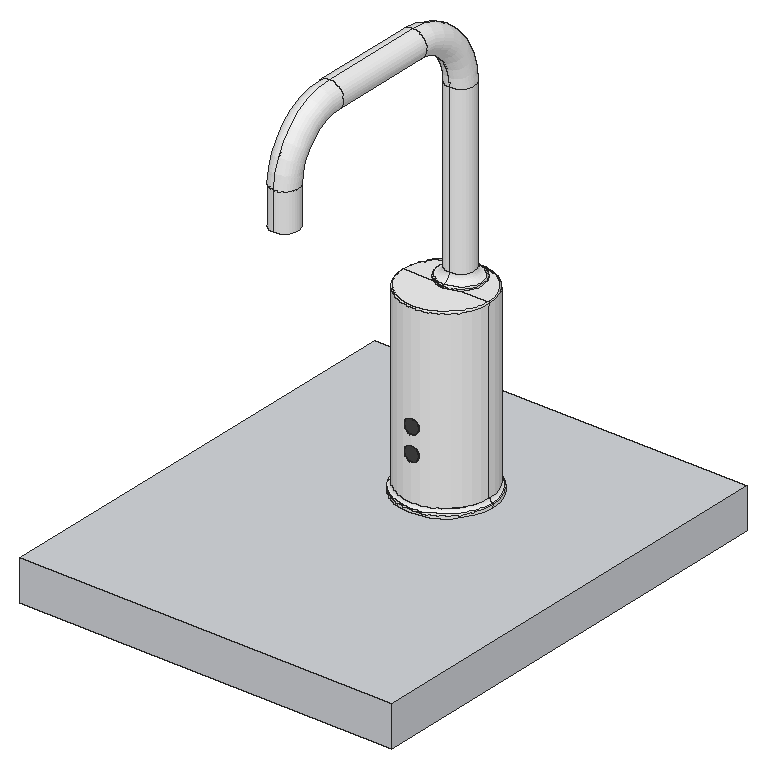
Revit family
Parameters (values of type "Chrome-Polished_Chrome-CP")
  Width = 0' - 2 5/8"
  WFU = 0
  URL = "http://www.us.kohler.com"
  Sensors = Sensors-Black
  Product Page URL = "http://www.us.kohler.com/onlinecatalog/detail.jsp?prod_num=7518"
  Product Documentation Link = "http://www.us.kohler.com/onlinecatalog/pdf/1126266_4.pdf"
  Model = "K-7518"  # constant formula
  Manufacturer = "Kohler"  # constant formula
  Length = 0' - 7 3/8"
  Installation = "Single-hole"  # constant formula
  Hot Water Radius = 3/16"
  Hot Water Diameter = Hot Water Radius * 2  # 3/8"
  Hot Water Connection = "Hot Water Connector"  # constant formula
  Height = 1' - 0 1/8"
  HWFU = 0
  HW Connection = yes
  Finish = Chrome-Kohler-CP-Polished Chrome
  Description = "Hybrid gooseneck Touchless deck-mount faucet\r\n\r\n"  # constant formula
  Default Elevation = 0' - 0"
  Created By = "http://medialab3dstudio.com/"
  Cold Water Radius = 3/16"
  Cold Water Diameter = Cold Water Radius * 2  # 3/8"
  Cold Water Connection = "Cold Water Connector"  # constant formula
  CWFU = 0
  CW Connection = yes
  Assembly Code = "D2010"
  Actual Water Flow = 0.5 GPM
  ADA Compliant = yes
Types (3): name | Finish
  (no name) | Chrome-Kohler-CP-Polished Chrome
  Steel-Vibrant_Stainless-VS | Steel-Kohler-VS-Vibrant Stainless
  Chrome-Polished_Chrome-CP | Chrome-Kohler-CP-Polished Chrome
Reference planes (in)
  plane 1 "Back": y = 0
  plane 2 "Bottom": z = 0
  plane 3 "Center (Left/Right)": x = 0
  plane 4 "Left": x = -1.3125
  plane 5 "Right": x = 1.3125
  plane 6 "Front of Base": y = -2.625
  plane 7 "Top of Spout": z = 5.13758
  plane 8: x = -1.21515
  plane 9: z = 0.19946
  plane 10: y = -0.20719
  plane 11: z = 5.41928
  plane 12: z = 5.19898
  plane 13: z = 11.74609
  plane 14: y = -6.99576
  plane 15: y = -0.81246
  plane 16: z = 5.41651
  plane 17: z = 2.11506
  plane 18: x = 0
  plane 19: z = 2.11482
  plane 20: z = 1.42524
  plane 21: x = 0
  plane 22: z = 1.42308
  plane 23: x = 0
  plane 24 "Front": y = -7.375
  plane 25 "Top": z = 12.125
  plane 26: y = -0.9173
  plane 27: y = -1.52988
  plane 28: y = -1.40189
  plane 29: y = -1.04534
  plane 30: y = -0.81285
  plane 31: y = -1.22287
  plane 32: x = 0.49462
  plane 33: x = -0.49462
Forms (in)
  Extrusion 1, solid
    sketch origin (0, 0, 0) x (1, 0, 0) y (0, 1, 0)
      loop
        line (-5.38196, 2.92434) -> (-5.38196, -9.57092) -> (5.06552, -9.57092) -> (5.06552, 2.92434) -> (-5.38196, 2.92434)
    from 0 to -1.1254
  Revolve 2, solid, material "Chrome-Kohler-CP-Polished Chrome" <- "Finish", detail levels fine
    sketch origin (0, -1.3125, 0) x (1, 0, 0) y (0, 0, 1)
      loop
        line (0, 0) -> (0, 5.13758) -> (-1.18617, 5.13758)
        arc (-1.18617, 5.13758) -> (-1.20666, 5.1291) -> (-1.21515, 5.10861) r 0.02898
        line (-1.21515, 5.10861) -> (-1.21515, 0.19946)
        arc (-1.21515, 0.19946) -> (-1.23864, 0.13482) -> (-1.29699, 0.0984) r 0.10547
        arc (-1.29699, 0.0984) -> (-1.30834, 0.08704) -> (-1.3125, 0.07153) r 0.03103
        line (-1.3125, 0.07153) -> (-1.3125, 0) -> (0, 0)
      axis (0, 5.13758) -> (0, 0)
    angle from 0 to 360
  Revolve 3, solid, material "Chrome-Kohler-CP-Polished Chrome" <- "Finish", detail levels fine
    sketch origin (0, -0.87954, 0) x (0, -1, 0) y (0, 0, 1)
      loop
        line (-0.18173, 5.13758) -> (-0.18173, 5.41928) -> (-0.44641, 5.41928)
        arc (-0.44641, 5.41928) -> (-0.50901, 5.26802) -> (-0.65744, 5.19898) r 0.22547
        arc (-0.65744, 5.19898) -> (-0.67695, 5.18967) -> (-0.68487, 5.16956) r 0.02949
        line (-0.68487, 5.16956) -> (-0.68487, 5.13758) -> (-0.18173, 5.13758)
      axis (-0.06669, 5.41928) -> (-0.06669, 5.13758)
    angle from 0 to 360
  Sweep 4, solid, material "Chrome-Kohler-CP-Polished Chrome" <- "Finish", detail levels fine
    path origin (0, 0.00468, 0) x (0, 1, 0) y (0, 0, 1)
      loop
        line (-0.81714, 5.41651) -> (-0.81714, 10.08672)
        arc (-0.81714, 10.08672) -> (-1.30315, 11.26008) -> (-2.47651, 11.74609) r 1.65937
        line (-2.47651, 11.74609) -> (-5.41231, 11.74609)
        arc (-5.41231, 11.74609) -> (-6.51854, 11.29773) -> (-7.00044, 10.2057) r 1.58887
        line (-7.00044, 10.2057) -> (-7.00044, 9.14197)
    profile origin (0, -0.81246, 7.75162) x (0, -1, 0) y (1, 0, 0)
      loop
        circle (0, 0) r 0.37923
  Extrusion 5, void
    sketch origin (0, 0, 0) x (1, 0, 0) y (0, 0, 1)
      loop
        arc (-0.21742, 2.11482) -> (-0.15374, 1.96108) -> (0, 1.8974) r 0.21742
        arc (0, 1.8974) -> (0.15374, 1.96108) -> (0.21742, 2.11482) r 0.21742
        arc (0.21742, 2.11482) -> (0.15374, 2.26855) -> (0, 2.33223) r 0.21742
        arc (0, 2.33223) -> (-0.15374, 2.26855) -> (-0.21742, 2.11482) r 0.21742
    from 2.44704 to 2.52902
  Extrusion 6, void
    sketch origin (0, 0, -0.69173) x (1, 0, 0) y (0, 0, 1)
      loop
        arc (-0.21742, 2.11482) -> (-0.15374, 1.96108) -> (0, 1.8974) r 0.21742
        arc (0, 1.8974) -> (0.15374, 1.96108) -> (0.21742, 2.11482) r 0.21742
        arc (0.21742, 2.11482) -> (0.15374, 2.26855) -> (0, 2.33223) r 0.21742
        arc (0, 2.33223) -> (-0.15374, 2.26855) -> (-0.21742, 2.11482) r 0.21742
    from 2.44704 to 2.52902
  Extrusion 7, solid, material "Sensors-Black" <- "Sensors", detail levels fine
    sketch origin (0, 0, 0) x (1, 0, 0) y (0, 0, 1)
      loop
        arc (-0.18898, 2.11506) -> (-0.13363, 1.98143) -> (0, 1.92608) r 0.18898
        arc (0, 1.92608) -> (0.13363, 1.98143) -> (0.18898, 2.11506) r 0.18898
        arc (0.18898, 2.11506) -> (0.13363, 2.24869) -> (0, 2.30404) r 0.18898
        arc (0, 2.30404) -> (-0.13363, 2.24869) -> (-0.18898, 2.11506) r 0.18898
    from 2.44704 to 2.52039
  Extrusion 8, solid, material "Sensors-Black" <- "Sensors", detail levels fine
    sketch origin (0, 0, -0.68982) x (1, 0, 0) y (0, 0, 1)
      loop
        arc (-0.18898, 2.11506) -> (-0.13363, 1.98143) -> (0, 1.92608) r 0.18898
        arc (0, 1.92608) -> (0.13363, 1.98143) -> (0.18898, 2.11506) r 0.18898
        arc (0.18898, 2.11506) -> (0.13363, 2.24869) -> (0, 2.30404) r 0.18898
        arc (0, 2.30404) -> (-0.13363, 2.24869) -> (-0.18898, 2.11506) r 0.18898
    from 2.44704 to 2.52039
  Extrusion 9, void
    sketch origin (0.49462, 0.17828, 0) x (1, 0, 0) y (0, 1, 0)
      loop
        circle (0, -1.40115) r 0.1875
    from 0 to 0.0984
  Extrusion 10, void
    sketch origin (-0.49462, 0.17828, 0) x (1, 0, 0) y (0, 1, 0)
      loop
        circle (0, -1.40115) r 0.1875
    from 0 to 0.0984
  Extrusion 11, solid, not visible
    sketch origin (0, 0, 0) x (1, 0, 0) y (0, 1, 0)
      loop
        arc (0.30712, -1.22287) -> (0.36203, -1.35545) -> (0.49462, -1.41037) r 0.1875
        arc (0.49462, -1.41037) -> (0.6272, -1.35545) -> (0.68212, -1.22287) r 0.1875
        arc (0.68212, -1.22287) -> (0.6272, -1.09029) -> (0.49462, -1.03537) r 0.1875
        arc (0.49462, -1.03537) -> (0.36203, -1.09029) -> (0.30712, -1.22287) r 0.1875
      loop
        arc (-0.49462, -1.03537) -> (-0.6272, -1.09029) -> (-0.68212, -1.22287) r 0.1875
        arc (-0.68212, -1.22287) -> (-0.6272, -1.35545) -> (-0.49462, -1.41037) r 0.1875
        arc (-0.49462, -1.41037) -> (-0.36203, -1.35545) -> (-0.30712, -1.22287) r 0.1875
        arc (-0.30712, -1.22287) -> (-0.36203, -1.09029) -> (-0.49462, -1.03537) r 0.1875
    from 0 to 0.0984
  Extrusion 12, solid, material "Chrome-Kohler-CP-Polished Chrome" <- "Finish", detail levels coarse+medium
    sketch origin (0, 0, 0) x (1, 0, 0) y (0, 1, 0)
      loop
        line (-1.3125, 0) -> (-1.3125, -7.375) -> (1.3125, -7.375) -> (1.3125, 0) -> (-1.3125, 0)
    from 0 to 12.125
Cuts and joins
  Extrusion 5, Extrusion 6, Extrusion 9, Extrusion 10 cuts Revolve 2
  joined: Revolve 2, Revolve 3
Lines and regions (in)
  Masking region 1, detail levels coarse
    outline origin (0, 0, 0) x (1, 0, 0) y (0, 1, 0)
      loop
        line (-1.3125, 0) -> (-1.3125, -7.375) -> (1.3125, -7.375) -> (1.3125, 0) -> (-1.3125, 0)
  Masking region 2, detail levels medium+fine
    outline origin (0, 0, 0) x (1, 0, 0) y (0, 1, 0)
      loop
        line (-0.37924, -2.56902) -> (-0.37924, -6.99756)
        arc (-0.37924, -6.99756) -> (0, -7.37679) -> (0.37923, -6.99756) r 0.37923
        line (0.37923, -6.99756) -> (0.37923, -2.56902)
        arc (0.37923, -2.56902) -> (1.1282, -1.98319) -> (1.28502, -1.04534) r 1.3125
        arc (1.28502, -1.04534) -> (-0.88629, -0.34444) -> (-0.37924, -2.56902) r 1.3125
  Masking region 3, detail levels coarse
    outline origin (0, 0, 0) x (1, 0, 0) y (0, 0, 1)
      loop
        line (-1.3125, 12.125) -> (-1.3125, 0) -> (1.3125, 0) -> (1.3125, 12.125) -> (-1.3125, 12.125)
  Masking region 4, detail levels medium+fine
    outline origin (0, -2.625, 0) x (-1, 0, 0) y (0, 0, 1)
      loop
        line (-1.3125, 0) -> (1.3125, 0) -> (1.3125, 0.07153)
        arc (1.3125, 0.07153) -> (1.3084, 0.08708) -> (1.29699, 0.0984) r 0.0306
        arc (1.29699, 0.0984) -> (1.23921, 0.13528) -> (1.21515, 0.19946) r 0.10831
        line (1.21515, 0.19946) -> (1.21515, 5.10861)
        arc (1.21515, 5.10861) -> (1.20666, 5.1291) -> (1.18617, 5.13758) r 0.02898
        line (1.18617, 5.13758) -> (0.59826, 5.13758) -> (0.59826, 5.16956)
        arc (0.59826, 5.16956) -> (0.59078, 5.18919) -> (0.57214, 5.19886) r 0.0295
        arc (0.57214, 5.19886) -> (0.43116, 5.26823) -> (0.37923, 5.41651) r 0.20746
        line (0.37923, 5.41651) -> (0.37923, 11.74436)
        arc (0.37923, 11.74436) -> (0.00015, 12.12344) -> (-0.37892, 11.74436) r 0.37908
        line (-0.37892, 11.74436) -> (-0.37892, 5.41651)
        arc (-0.37892, 5.41651) -> (-0.43062, 5.26871) -> (-0.57082, 5.19899) r 0.20773
        arc (-0.57082, 5.19899) -> (-0.58994, 5.19001) -> (-0.59825, 5.17058) r 0.02968
        line (-0.59825, 5.17058) -> (-0.59825, 5.13758) -> (-1.18617, 5.13758)
        arc (-1.18617, 5.13758) -> (-1.20668, 5.12909) -> (-1.21517, 5.10858) r 0.029
        line (-1.21517, 5.10858) -> (-1.21517, 0.19951)
        arc (-1.21517, 0.19951) -> (-1.23819, 0.13448) -> (-1.29699, 0.0984) r 0.10338
        arc (-1.29699, 0.0984) -> (-1.30833, 0.08703) -> (-1.3125, 0.07153) r 0.03114
        line (-1.3125, 0.07153) -> (-1.3125, 0)
  Masking region 5, detail levels coarse
    outline origin (0, 0, 0) x (0, 1, 0) y (0, 0, 1)
      loop
        line (0, 12.125) -> (-7.375, 12.125) -> (-7.375, 0) -> (0, 0) -> (0, 12.125)
  Masking region 6, detail levels medium+fine
    outline origin (0, 0, 0) x (0, 1, 0) y (0, 0, 1)
      loop
        line (0, 0) -> (0, 0.07182)
        arc (0, 0.07182) -> (-0.00416, 0.08721) -> (-0.01551, 0.0984) r 0.03053
        arc (-0.01551, 0.0984) -> (-0.07358, 0.13504) -> (-0.09735, 0.19946) r 0.10682
        line (-0.09735, 0.19946) -> (-0.09735, 5.10856)
        arc (-0.09735, 5.10856) -> (-0.10585, 5.12908) -> (-0.12637, 5.13758) r 0.02902
        line (-0.12637, 5.13758) -> (-0.19467, 5.13758) -> (-0.19467, 5.16952)
        arc (-0.19467, 5.16952) -> (-0.20259, 5.18961) -> (-0.2221, 5.19889) r 0.02944
        arc (-0.2221, 5.19889) -> (-0.37025, 5.26819) -> (-0.43313, 5.41918) r 0.22654
        line (-0.43313, 5.41918) -> (-0.43313, 10.10196)
        arc (-0.43313, 10.10196) -> (-1.02567, 11.53247) -> (-2.45617, 12.125) r 2.02304
        line (-2.45617, 12.125) -> (-5.44685, 12.125)
        arc (-5.44685, 12.125) -> (-6.81026, 11.56026) -> (-7.375, 10.19685) r 1.92815
        line (-7.375, 10.19685) -> (-7.375, 9.14197) -> (-6.61653, 9.14197) -> (-6.61653, 10.19947)
        arc (-6.61653, 10.19947) -> (-6.2471, 11.02676) -> (-5.40744, 11.36712) r 1.21266
        line (-5.40744, 11.36712) -> (-2.48041, 11.36712)
        arc (-2.48041, 11.36712) -> (-1.58184, 11.00202) -> (-1.19257, 10.11366) r 1.28831
        line (-1.19257, 10.11366) -> (-1.19257, 5.41928)
        arc (-1.19257, 5.41928) -> (-1.25533, 5.26817) -> (-1.4036, 5.19898) r 0.22606
        arc (-1.4036, 5.19898) -> (-1.42317, 5.18969) -> (-1.43108, 5.16952) r 0.02943
        line (-1.43108, 5.16952) -> (-1.43108, 5.13758) -> (-2.49862, 5.13758)
        arc (-2.49862, 5.13758) -> (-2.51919, 5.12907) -> (-2.5277, 5.1085) r 0.02908
        line (-2.5277, 5.1085) -> (-2.5277, 0.19941)
        arc (-2.5277, 0.19941) -> (-2.55179, 0.1353) -> (-2.60949, 0.0984) r 0.10846
        arc (-2.60949, 0.0984) -> (-2.621, 0.08713) -> (-2.625, 0.07153) r 0.02993
        line (-2.625, 0.07153) -> (-2.625, 0) -> (0, 0)
  symbolic lines, style "Masking Lines", detail levels fine
    curve 1: arc (-0.38196, -1.34233, 0) -> (-0.00037, -0.27922, 0) -> (0.38071, -1.34252, 0) r 0.59999
    curve 2: arc (-0.38196, -0.7959, 0) -> (-0.00063, -0.41457, 0) -> (0.38071, -0.7959, 0) r 0.38133
    curve 3: line (0.38071, -1.34252, 0) -> (0.38071, -2.569, 0)
    curve 4: line (-0.38196, -1.34233, 0) -> (-0.38196, -2.569, 0)
    curve 5: line (-0.38196, -1.34233, 0) -> (-0.38196, -0.7959, 0)
    curve 6: line (0.38071, -1.34252, 0) -> (0.38071, -0.7959, 0)
    curve 7: arc (0.21742, -7.375, 2.11482) -> (0.15374, -7.375, 2.26855) -> (0, -7.375, 2.33223) r 0.21742
    curve 8: arc (0, -7.375, 1.8974) -> (0.15374, -7.375, 1.96108) -> (0.21742, -7.375, 2.11482) r 0.21742
    curve 9: arc (-0.21742, -7.375, 2.11482) -> (-0.15374, -7.375, 1.96108) -> (0, -7.375, 1.8974) r 0.21742
    curve 10: arc (0, -7.375, 2.33223) -> (-0.15374, -7.375, 2.26855) -> (-0.21742, -7.375, 2.11482) r 0.21742
    curve 11: arc (0, -7.375, 2.30404) -> (-0.13363, -7.375, 2.24869) -> (-0.18898, -7.375, 2.11506) r 0.18898
    curve 12: arc (0.18898, -7.375, 2.11506) -> (0.13363, -7.375, 2.24869) -> (0, -7.375, 2.30404) r 0.18898
    curve 13: arc (0, -7.375, 1.92608) -> (0.13363, -7.375, 1.98143) -> (0.18898, -7.375, 2.11506) r 0.18898
    curve 14: arc (-0.18898, -7.375, 2.11506) -> (-0.13363, -7.375, 1.98143) -> (0, -7.375, 1.92608) r 0.18898
    curve 15: arc (0.21742, -7.375, 1.42308) -> (0.15374, -7.375, 1.57682) -> (0, -7.375, 1.6405) r 0.21742
    curve 16: arc (0, -7.375, 1.20567) -> (0.15374, -7.375, 1.26935) -> (0.21742, -7.375, 1.42308) r 0.21742
    curve 17: arc (-0.21742, -7.375, 1.42308) -> (-0.15374, -7.375, 1.26935) -> (0, -7.375, 1.20567) r 0.21742
    curve 18: arc (0, -7.375, 1.6405) -> (-0.15374, -7.375, 1.57682) -> (-0.21742, -7.375, 1.42308) r 0.21742
    curve 19: arc (0, -7.375, 1.61422) -> (-0.13363, -7.375, 1.55887) -> (-0.18898, -7.375, 1.42524) r 0.18898
    curve 20: arc (0.18898, -7.375, 1.42524) -> (0.13363, -7.375, 1.55887) -> (0, -7.375, 1.61422) r 0.18898
    curve 21: arc (0, -7.375, 1.23626) -> (0.13363, -7.375, 1.29161) -> (0.18898, -7.375, 1.42524) r 0.18898
    curve 22: arc (-0.18898, -7.375, 1.42524) -> (-0.13363, -7.375, 1.29161) -> (0, -7.375, 1.23626) r 0.18898
    curve 23: line (-0.59826, 0, 5.13758) -> (0.59825, 0, 5.13758)
    curve 24: line (-0.37923, -7.375, 9.14197) -> (0.37923, -7.375, 9.14197)
    curve 25: line (0, -0.2221, 5.19898) -> (0, -1.4036, 5.19898)
    curve 26: line (0, -0.01551, 0.0984) -> (0, -2.60949, 0.0984)
    curve 27: line (0, -1.19257, 5.41928) -> (0, -0.43313, 5.41928)
    curve 28: line (0, -7.375, 10.19685) -> (0, -6.61662, 10.19685)
    curve 29: line (-0.57214, 0, 5.19886) -> (0.57257, 0, 5.19886)
    curve 30: line (-0.37923, 0, 5.41651) -> (0.37923, 0, 5.41651)
    curve 31: line (-1.21515, 0, 0.19946) -> (1.21515, 0, 0.19946)
    curve 32: line (-1.29699, 0, 0.0984) -> (1.29699, 0, 0.0984)
    curve 33: line (0, -1.43104, 5.13758) -> (0, -0.19467, 5.13758)
    curve 34: line (0, -2.52765, 0.19946) -> (0, -0.09735, 0.19946)
Dimensions and locks (in)
  equal spacing: plane 4 "Left", plane 3 "Center (Left/Right)", plane 5 "Right"
  locked: plane 4 "Left" to plane 8 at 0.09735
  locked: plane 9 to plane 2 "Bottom" at 0.19946
  plane 1 "Back" to plane 15 = 0' - 0.81246"
  locked: plane 21 to plane 4 "Left" at 1.3125
  locked: plane 20 to plane 2 "Bottom" at 1.42524
  locked: plane 22 to plane 2 "Bottom" at 1.42308
  locked: plane 23 to plane 4 "Left" at 1.3125
  "Length": plane 1 "Back" to plane 24 "Front"
  "Height": plane 25 "Top" to level
  locked: plane 13 to plane 25 "Top" at 0.37891
  locked: plane 16 to plane 7 "Top of Spout" at 0.27893
  locked: plane 1 "Back" to plane 15 at 0.81246
  locked: plane 15 to plane 14 at 6.1833
  "Width": plane 4 "Left" to plane 5 "Right"
  plane 27 to plane 28 to plane 29 to plane 26 to plane 1 "Back" = 0' - 0.12798" locked, 0' - 0.35655" locked, 0' - 0.12804" locked, 0' - 0.9173" locked
  plane 11 to plane 12 to plane 7 "Top of Spout" = 0' - 0.2203" locked, 0' - 0.0614" locked
  plane 1 "Back" to plane 10 to plane 30 = 0' - 0.20719" locked, 0' - 0.60566" locked
  plane 33 to plane 3 "Center (Left/Right)" to plane 32 = 0' - 0.49462" locked, 0' - 0.49462" locked
  radius of Revolve 2 sketch curve = 0' - 0.03103"
  radius of Revolve 2 sketch curve = 0' - 0 27/256"
  "Cold Water Radius": radius of Extrusion 9 sketch curve
  "Hot Water Radius": radius of Extrusion 10 sketch curve
  "Cold Water Radius": radius of Extrusion 11 sketch curve
  "Hot Water Radius": radius of Extrusion 11 sketch curve
  aligned and locked: plane 2 "Bottom" to Extrusion 1
  aligned and locked: level to Extrusion 1
  aligned and locked: plane 4 "Left" to Revolve 2 sketch curve  (x2)
  aligned and locked: Revolve 2 sketch curve to plane 3 "Center (Left/Right)"
  aligned and locked: plane 2 "Bottom" to Revolve 2 sketch curve
  aligned and locked: Revolve 2 sketch curve to plane 7 "Top of Spout"
  aligned and locked: Revolve 2 sketch curve to plane 8
  aligned and locked: plane 9 to Revolve 2 sketch curve
  aligned and locked: plane 3 "Center (Left/Right)" to cut or joined group of Revolve 2, Revolve 3, Extrusion 5, Extrusion 6, Extrusion 9, Extrusion 10
  aligned and locked: plane 7 "Top of Spout" to Revolve 3 sketch curve
  aligned and locked: plane 12 to Revolve 3 sketch curve
  aligned and locked: plane 13 to Sweep 4 sketch curve
  aligned and locked: Sweep 4 sketch curve to plane 15
  aligned and locked: plane 16 to Sweep 4 sketch curve
  aligned and locked: plane 18 to Extrusion 7 sketch curve  (x2)
  aligned and locked: plane 17 to Extrusion 7 sketch curve  (x2)
  aligned and locked: plane 3 "Center (Left/Right)" to Extrusion 5 sketch curve  (x2)
  aligned and locked: plane 19 to Extrusion 5 sketch curve  (x2)
  aligned and locked: plane 21 to Extrusion 8 sketch curve  (x2)
  aligned and locked: plane 20 to Extrusion 8 sketch curve  (x2)
  aligned and locked: plane 22 to Extrusion 6 sketch curve  (x2)
  aligned and locked: plane 23 to Extrusion 6 sketch curve  (x2)
  aligned and locked: plane 24 "Front" to Sweep 4
  aligned and locked: plane 1 "Back" to Masking region 1 sketch curve
  aligned and locked: plane 24 "Front" to Masking region 1 sketch curve
  aligned and locked: plane 4 "Left" to Masking region 1 sketch curve
  aligned and locked: Masking region 2 sketch curve to cut or joined group of Revolve 2, Revolve 3, Extrusion 5, Extrusion 6, Extrusion 9, Extrusion 10  (x2)
  aligned and locked: plane 25 "Top" to Masking region 3 sketch curve
  aligned and locked: plane 2 "Bottom" to Masking region 3 sketch curve
  aligned and locked: plane 4 "Left" to Masking region 3 sketch curve
  aligned and locked: plane 2 "Bottom" to Masking region 4 sketch curve
  aligned and locked: Masking region 4 sketch curve to plane 7 "Top of Spout"  (x2)
  aligned and locked: Masking region 4 sketch curve to cut or joined group of Revolve 2, Revolve 3, Extrusion 5, Extrusion 6, Extrusion 9, Extrusion 10
  aligned and locked: curve 7 to cut or joined group of Revolve 2, Revolve 3, Extrusion 5, Extrusion 6, Extrusion 9, Extrusion 10
  aligned and locked: curve 8 to cut or joined group of Revolve 2, Revolve 3, Extrusion 5, Extrusion 6, Extrusion 9, Extrusion 10
  aligned and locked: curve 9 to cut or joined group of Revolve 2, Revolve 3, Extrusion 5, Extrusion 6, Extrusion 9, Extrusion 10
  aligned and locked: curve 10 to cut or joined group of Revolve 2, Revolve 3, Extrusion 5, Extrusion 6, Extrusion 9, Extrusion 10
  aligned and locked: curve 15 to cut or joined group of Revolve 2, Revolve 3, Extrusion 5, Extrusion 6, Extrusion 9, Extrusion 10
  aligned and locked: curve 16 to cut or joined group of Revolve 2, Revolve 3, Extrusion 5, Extrusion 6, Extrusion 9, Extrusion 10
  aligned and locked: curve 17 to cut or joined group of Revolve 2, Revolve 3, Extrusion 5, Extrusion 6, Extrusion 9, Extrusion 10
  aligned and locked: curve 18 to cut or joined group of Revolve 2, Revolve 3, Extrusion 5, Extrusion 6, Extrusion 9, Extrusion 10
  aligned and locked: plane 25 "Top" to Masking region 5 sketch curve
  aligned and locked: plane 24 "Front" to Masking region 5 sketch curve
  aligned and locked: plane 2 "Bottom" to Masking region 5 sketch curve
  aligned and locked: plane 1 "Back" to Masking region 5 sketch curve
  aligned and locked: plane 30 to Revolve 3 sketch curve
  aligned and locked: plane 11 to Revolve 3 sketch curve
  aligned and locked: plane 2 "Bottom" to Masking region 6 sketch curve
  aligned and locked: plane 1 "Back" to Masking region 6 sketch curve
  aligned and locked: plane 6 "Front of Base" to Masking region 6 sketch curve
  aligned and locked: Masking region 6 sketch curve to plane 7 "Top of Spout"  (x2)
  aligned and locked: plane 25 "Top" to Masking region 6 sketch curve
  aligned and locked: plane 24 "Front" to Masking region 6 sketch curve
  aligned and locked: plane 33 to Extrusion 11 sketch curve
  aligned and locked: plane 31 to Extrusion 11 sketch curve  (x2)
  aligned and locked: plane 32 to Extrusion 11 sketch curve
  aligned and locked: Extrusion 11 to plane 2 "Bottom"
Automatic sketch dimensions
  Extrusion 1 sketch curve to Extrusion 1 sketch curve = 0' - 10.44748"
  Extrusion 1 sketch curve to Extrusion 1 sketch curve = 1' - 0.49525"
  Sweep 4 sketch curve to Sweep 4 sketch curve = 0' - 1.58813"
  plane 6 "Front of Base" to Sweep 4 sketch curve = 0' - 0.15317"
  plane 7 "Top of Spout" to Sweep 4 sketch curve = 0' - 4.00439"
  Sweep 4 sketch curve to Sweep 4 sketch curve = 0' - 1.58887"
  Sweep 4 sketch curve to plane 3 "Center (Left/Right)" = 0' - 0"
  Sweep 4 sketch curve to profile plane = 0' - 0"
  plane 3 "Center (Left/Right)" to Extrusion 9 sketch curve = 0' - 0.49462"
  plane 1 "Back" to Extrusion 9 sketch curve = 0' - 1.22287"
  Extrusion 10 sketch curve to plane 3 "Center (Left/Right)" = 0' - 0.49462"
  plane 1 "Back" to Extrusion 10 sketch curve = 0' - 1.22287"
  Extrusion 7 sketch curve to Extrusion 7 sketch curve = 0' - 0.18898"
  Extrusion 5 sketch curve to plane 3 "Center (Left/Right)" = 0' - 0.21742"
  Extrusion 8 sketch curve to Extrusion 8 sketch curve = 0' - 0.18898"
  Extrusion 6 sketch curve to plane 3 "Center (Left/Right)" = 0' - 0.21742"
  Sweep 4 sketch curve to plane 14 = 0' - 0"
  Revolve 2 sketch curve to level = 0' - 0"  (x2)
  Revolve 2 sketch curve to plane 3 "Center (Left/Right)" = 0' - 0"
  Revolve 2 sketch curve to plane 7 "Top of Spout" = 0' - 0"
  Revolve 2 sketch curve to plane 9 = 0' - 0.00173"
  plane 4 "Left" to Revolve 2 sketch curve = 0' - 0.01551"
  Revolve 2 sketch curve to plane 8 = 0' - 0.02898"
  plane 3 "Center (Left/Right)" to curve 2 = 0' - 0.38071"
  curve 2 to plane 3 "Center (Left/Right)" = 0' - 0.00063"
  curve 1 to plane 3 "Center (Left/Right)" = 0' - 0.00051"
  curve 3 to curve 1 = 0' - 0.00019"
  curve 1 to curve 2 = 0' - 0.08331"
  curve 7 to curve 8 = 0' - 0"  (x2)
  curve 7 to curve 9 = 0' - 0"  (x2)
  curve 7 to curve 10 = 0' - 0"  (x2)
  curve 8 to curve 9 = 0' - 0"  (x2)
  curve 8 to curve 10 = 0' - 0"  (x2)
  curve 9 to curve 10 = 0' - 0"  (x2)
  curve 11 to curve 12 = 0' - 0"  (x2)
  curve 11 to curve 13 = 0' - 0"  (x2)
  curve 11 to curve 14 = 0' - 0"  (x2)
  curve 12 to curve 13 = 0' - 0"  (x2)
  curve 12 to curve 14 = 0' - 0"  (x3)
  curve 13 to curve 14 = 0' - 0"  (x2)
  curve 15 to curve 16 = 0' - 0"  (x2)
  curve 15 to curve 17 = 0' - 0"  (x2)
  curve 15 to curve 18 = 0' - 0"  (x2)
  curve 16 to curve 17 = 0' - 0"  (x2)
  curve 16 to curve 18 = 0' - 0"  (x2)
  curve 17 to curve 18 = 0' - 0"  (x2)
  curve 19 to curve 20 = 0' - 0"  (x4)
  curve 19 to curve 21 = 0' - 0"  (x4)
  curve 19 to curve 22 = 0' - 0"  (x4)
  curve 20 to curve 21 = 0' - 0"  (x4)
  curve 20 to curve 22 = 0' - 0"  (x4)
  curve 21 to curve 22 = 0' - 0"  (x4)
  curve 23 to curve 24 = 0' - 4.01037"  (x2)
  curve 23 to curve 17 = 0' - 3.73397"
  curve 9 to curve 17 = 0' - 0.69173"
  curve 9 to curve 14 = 0' - 0.02844"
  curve 17 to curve 19 = 0' - 0.02852"
  curve 11 to curve 10 = 0' - 0.28789"
  curve 11 to curve 7 = 0' - 0.00024"
  curve 22 to curve 22 = 0' - 0.26726"
  curve 19 to curve 15 = 0' - 0.00216"
  curve 24 to curve 24 = 0' - 0.75846"
  curve 23 to curve 23 = 0' - 1.19651"
  curve 17 to curve 22 = 0' - 0.03059"
  curve 18 to curve 9 = 0' - 0.2569"
  curve 9 to curve 14 = 0' - 0.02868"  (x2)
  curve 10 to curve 23 = 0' - 2.86843"
  plane 11 to Revolve 3 sketch curve = 0' - 0"
  Revolve 3 sketch curve to plane 7 "Top of Spout" = 0' - 0"
  plane 10 to Revolve 3 sketch curve = 0' - 0.01252"
  Revolve 3 sketch curve to plane 10 = 0' - 0.00051"
  Revolve 3 sketch curve to plane 10 = 0' - 0.01491"
  Revolve 3 sketch curve to plane 10 = 0' - 0.01697"
  Revolve 3 sketch curve to Revolve 3 sketch curve = 0' - 0.22543"
  Revolve 3 sketch curve to Revolve 3 sketch curve = 0' - 0.11504"
  Masking region 6 sketch curve to Masking region 6 sketch curve = 0' - 0.0394"
  Masking region 6 sketch curve to Masking region 6 sketch curve = 0' - 0.04214"
  Masking region 6 sketch curve to plane 6 "Front of Base" = 0' - 0.01109"
  plane 6 "Front of Base" to Masking region 6 sketch curve = 0' - 0.01551"
  Masking region 6 sketch curve to Masking region 6 sketch curve = 0' - 0.0144"
  Masking region 6 sketch curve to Masking region 6 sketch curve = 0' - 0.02748"
  Masking region 6 sketch curve to Masking region 6 sketch curve = 0' - 0.00195"
  Masking region 6 sketch curve to Masking region 6 sketch curve = 0' - 0.00201"
  Masking region 6 sketch curve to Masking region 6 sketch curve = 0' - 0.02902"
  plane 1 "Back" to Masking region 6 sketch curve = 0' - 0.03053"
  Masking region 6 sketch curve to plane 1 "Back" = 0' - 0.00944"
  Masking region 6 sketch curve to Masking region 6 sketch curve = 0' - 1.05488"
  Masking region 6 sketch curve to Masking region 6 sketch curve = 0' - 0.02315"
  Masking region 6 sketch curve to Masking region 6 sketch curve = 0' - 0.04238"
  Extrusion 11 sketch curve to Extrusion 11 sketch curve = 0' - 0"
  plane 31 to Extrusion 11 sketch curve = 0' - 0"
  plane 6 "Front of Base" to curve 3 = 0' - 0.056"
  plane 6 "Front of Base" to curve 4 = 0' - 0.056"
  Masking region 6 sketch curve to Masking region 6 sketch curve = 0' - 0.75847"
  plane 24 "Front" to Masking region 6 sketch curve = 0' - 1.92815"
  plane 6 "Front of Base" to Masking region 6 sketch curve = 0' - 0.0973"
  Masking region 6 sketch curve to Masking region 6 sketch curve = 0' - 0.02424"
  plane 6 "Front of Base" to Masking region 6 sketch curve = 0' - 0.14459"
  Masking region 6 sketch curve to Masking region 6 sketch curve = 0' - 0.99795"
  Masking region 6 sketch curve to Masking region 6 sketch curve = 0' - 0.09774"
  plane 1 "Back" to Masking region 6 sketch curve = 0' - 0.22411"
  Masking region 6 sketch curve to Masking region 6 sketch curve = 0' - 1.06755"
  Masking region 6 sketch curve to Masking region 6 sketch curve = 0' - 0 3/256"
  Masking region 6 sketch curve to Masking region 6 sketch curve = 0' - 0.01498"  (x2)
  Masking region 6 sketch curve to Masking region 6 sketch curve = 0' - 0.02908"
  Masking region 6 sketch curve to Masking region 6 sketch curve = 0' - 0.226"
  plane 1 "Back" to Masking region 6 sketch curve = 0' - 0.20666"
  curve 28 to plane 24 "Front" = 0' - 0"
  curve 33 to plane 7 "Top of Spout" = 0' - 0"
  curve 28 to curve 28 = 0' - 0.75838"
  plane 6 "Front of Base" to curve 26 = 0' - 0.01551"
  plane 6 "Front of Base" to curve 34 = 0' - 0.09735"
  plane 6 "Front of Base" to curve 33 = 0' - 1.19396"
  curve 33 to curve 25 = 0' - 0.02744"
  curve 25 to curve 27 = 0' - 0.21103"
  plane 1 "Back" to curve 27 = 0' - 0.43313"
  plane 1 "Back" to curve 25 = 0' - 0.2221"
  curve 25 to curve 33 = 0' - 0.02744"
  plane 1 "Back" to curve 34 = 0' - 0.09735"
  plane 1 "Back" to curve 26 = 0' - 0.01551"
  plane 25 "Top" to curve 28 = 0' - 1.92815"
  level to curve 26 = 0' - 0.0984"
  curve 26 to curve 34 = 0' - 0.10106"
  plane 1 "Back" to Masking region 6 sketch curve = 0' - 0.01551"
  level to Masking region 6 sketch curve = 0' - 0.07153"
  level to Masking region 6 sketch curve = 0' - 0.07182"
  Masking region 6 sketch curve to Masking region 6 sketch curve = 0' - 0.00064"
  Masking region 6 sketch curve to Masking region 6 sketch curve = 0' - 0.10101"
  Masking region 6 sketch curve to Masking region 6 sketch curve = 0' - 0.10106"
  plane 7 "Top of Spout" to curve 25 = 0' - 0.0614"
  plane 7 "Top of Spout" to curve 27 = 0' - 0.28169"
  Masking region 6 sketch curve to Masking region 6 sketch curve = 0' - 0"
  Masking region 6 sketch curve to Masking region 6 sketch curve = 0' - 0.02944"
  plane 7 "Top of Spout" to Masking region 6 sketch curve = 0' - 0.03193"  (x2)
  Masking region 6 sketch curve to Masking region 6 sketch curve = 0' - 0.0001"
  plane 3 "Center (Left/Right)" to curve 24 = 0' - 0.37923"
  curve 24 to plane 3 "Center (Left/Right)" = 0' - 0.37923"
  plane 25 "Top" to curve 24 = 0' - 2.98303"
  curve 23 to plane 7 "Top of Spout" = 0' - 0"
  plane 4 "Left" to curve 32 = 0' - 0.01551"
  plane 4 "Left" to curve 31 = 0' - 0.09735"
  curve 23 to plane 3 "Center (Left/Right)" = 0' - 0.59826"
  curve 23 to curve 29 = 0' - 0.02612"
  curve 29 to curve 30 = 0' - 0.1929"
  plane 3 "Center (Left/Right)" to curve 30 = 0' - 0.37923"
  plane 7 "Top of Spout" to curve 29 = 0' - 0.06128"
  curve 30 to curve 29 = 0' - 0.19334"
  curve 29 to curve 23 = 0' - 0.02568"
  curve 31 to plane 5 "Right" = 0' - 0.09735"
  curve 32 to plane 5 "Right" = 0' - 0.01551"
  level to curve 31 = 0' - 0.19946"
  level to curve 32 = 0' - 0.0984"
  plane 7 "Top of Spout" to curve 30 = 0' - 0.27893"
  Masking region 4 sketch curve to plane 5 "Right" = 0' - 0"
  Masking region 4 sketch curve to plane 4 "Left" = 0' - 0"
  plane 5 "Right" to Masking region 4 sketch curve = 0' - 0.00605"
  Masking region 4 sketch curve to plane 5 "Right" = 0' - 0.01551"
  Masking region 4 sketch curve to plane 5 "Right" = 0' - 0.03114"
  Masking region 4 sketch curve to plane 7 "Top of Spout" = 0' - 0.029"
  Masking region 4 sketch curve to plane 5 "Right" = 0' - 0.09733"
  Masking region 4 sketch curve to Masking region 4 sketch curve = 0' - 0.58792"
  Masking region 4 sketch curve to Masking region 4 sketch curve = 0' - 0.01185"
  Masking region 4 sketch curve to Masking region 4 sketch curve = 0' - 0.02743"
  Masking region 4 sketch curve to Masking region 4 sketch curve = 0' - 0"
  Masking region 4 sketch curve to Masking region 4 sketch curve = 0' - 0.00223"
  Masking region 4 sketch curve to Masking region 4 sketch curve = 0' - 0.20747"
  Masking region 4 sketch curve to plane 3 "Center (Left/Right)" = 0' - 0.00015"
  plane 7 "Top of Spout" to Masking region 4 sketch curve = 0' - 0.03197"
  Masking region 4 sketch curve to Masking region 4 sketch curve = 0' - 0.18953"
  Masking region 4 sketch curve to Masking region 4 sketch curve = 0' - 0.00338"
  Masking region 4 sketch curve to Masking region 4 sketch curve = 0' - 0.20718"
  Masking region 4 sketch curve to Masking region 4 sketch curve = 0' - 0.0295"
  Masking region 4 sketch curve to Masking region 4 sketch curve = 0' - 0.02898"
  plane 4 "Left" to Masking region 4 sketch curve = 0' - 0.0306"
  plane 4 "Left" to Masking region 4 sketch curve = 0' - 0.01551"
  Masking region 4 sketch curve to plane 4 "Left" = 0' - 0.01089"
  level to Masking region 4 sketch curve = 0' - 0.07146"
  Masking region 4 sketch curve to Masking region 4 sketch curve = 0' - 0.07153"
  Masking region 4 sketch curve to Masking region 4 sketch curve = 0' - 0.00006"
  Masking region 4 sketch curve to Masking region 4 sketch curve = 0' - 0.00025"
  Masking region 4 sketch curve to Masking region 4 sketch curve = 0' - 0.10106"
  plane 7 "Top of Spout" to Masking region 4 sketch curve = 0' - 0.0318"
  Masking region 4 sketch curve to Masking region 4 sketch curve = 0' - 0.00119"
  Masking region 4 sketch curve to Masking region 4 sketch curve = 0' - 0.20697"
  plane 25 "Top" to Masking region 4 sketch curve = 0' - 0.38064"
  Masking region 3 sketch curve to plane 5 "Right" = 0' - 0"
  plane 29 to Masking region 2 sketch curve = 0' - 0"
  Masking region 2 sketch curve to plane 3 "Center (Left/Right)" = 0' - 0"
  Masking region 2 sketch curve to Masking region 2 sketch curve = 0' - 0.37923"
  plane 24 "Front" to Masking region 2 sketch curve = 0' - 0.37744"
  curve 3 to curve 6 = 0' - 1.22648"
  Masking region 1 sketch curve to plane 5 "Right" = 0' - 0"
  Extrusion 12 sketch curve to plane 4 "Left" = 0' - 0"
  Extrusion 12 sketch curve to plane 5 "Right" = 0' - 0"
  Extrusion 12 sketch curve to plane 24 "Front" = 0' - 0"
  plane 1 "Back" to Extrusion 12 sketch curve = 0' - 0"
  curve 11 to plane 3 "Center (Left/Right)" = 0' - 0"
  curve 8 to curve 12 = 0' - 0.02843"
  curve 22 to plane 3 "Center (Left/Right)" = 0' - 0"
  curve 15 to curve 20 = 0' - 0.02843"
  curve 16 to curve 22 = 0' - 0.03059"
  radius of Sweep 4 sketch curve = 0' - 0.37923"
Connectors (in)
  piping at (0.49462, -1.22287, 0), driven by "Actual Water Flow", driven by "Cold Water Radius", driven by "CW Connection", driven by "Cold Water Connection", driven by "CWFU"
    settings: on Extrusion 11, index 1, connector radius 3/16", flow factor 0, pipe flow 0.5 GPM, pressure drop 0.00 psi, fitting loss kfactor 0, connector angle 0.00°, fixture units 0, flow configuration 3, flow direction 1, fitting loss method 0, system type 20, connector reference index -1, connector utility 1, adjustable connector yes, is connector primary yes, fitting loss table "", connector description "Cold Water Connector"
  piping at (-0.49462, -1.22287, 0), driven by "Actual Water Flow", driven by "Hot Water Radius", driven by "HW Connection", driven by "Hot Water Connection", driven by "HWFU"
    settings: on Extrusion 11, index 2, connector radius 3/16", flow factor 0, pipe flow 0.5 GPM, pressure drop 0.00 psi, fitting loss kfactor 0, connector angle 0.00°, fixture units 0, flow configuration 3, flow direction 1, fitting loss method 0, system type 19, connector reference index -1, connector utility 1, adjustable connector yes, is connector primary no, fitting loss table "", connector description "Hot Water Connector"
